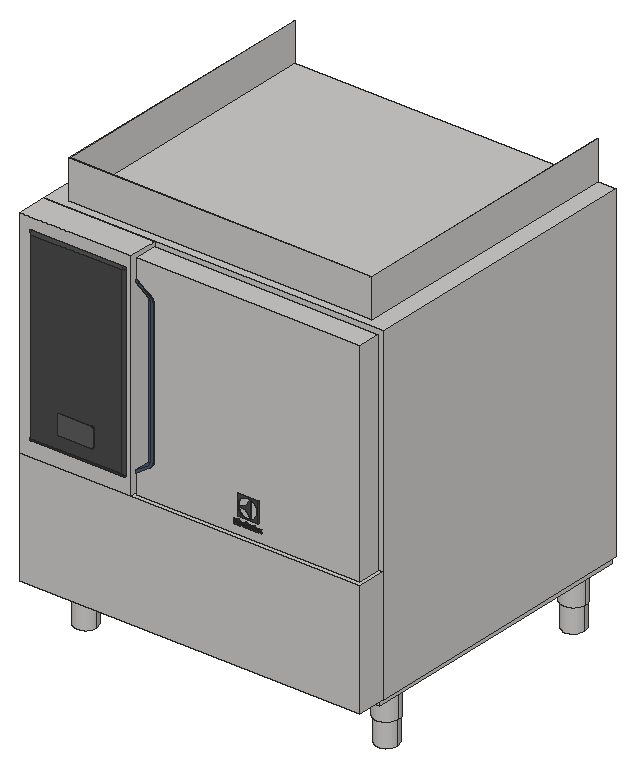
Revit family "QF_ELECTROLUXPROFESSIONAL_727729_EBFA61WE", category Specialty Equipment, Revit 2018
Family settings
  Round Connector Dimension = Use Diameter
  Part Type = Normal
  Work Plane-Based = No
  Always vertical = Yes
  Cut with Voids When Loaded = No
  Shared = No
  Room Calculation Point = No
Parameters
  Weight = 0.00 kg
  Watts = 0 W
  Volts = 380 V
  URL Manufacturer = "http://professional.electrolux.com"
  URL = "http://professional.electrolux.com"
  Steam Supply Size = 0 mm
  Steam Supply Minimum Pressure = 0.0 Pa
  Steam Supply Maximum Pressure = 0.0 Pa
  Steam Pounds per Hour = 0
  Show Logo [instance] = yes
  Show Clearance [instance] = yes
  Refrigeration Suction Line Size = 0 mm
  Refrigeration Liquid Line Size = 0 mm
  Refrigerant Compressor Remote = yes
  Manufacturer = "Electrolux"
  Phase = 3
  Model = "EBFA61WE"
  Length Actual = 897 mm  # constant formula
  Item Number = "727729"
  Hot Water Size = 0 mm
  Height Actual = 1020 mm  # constant formula
  HP = "3.6 HP"
  Gas Size = 0 mm
  Gas KW = 0
  Gas Input Pressure = 0 W
  Direct Waste Size = 139.7 mm
  Description = "SKYLINE CHILLS BLAST CHILLER FREEZER 30/30KG 6 GN 1/1 - FOR TOWER EXECUTION"
  Depth Actual = 937 mm  # constant formula
  Cycle = 50 Hz
  Condensate Return Size = 0 mm
  Compressed Air Volume = 0.0 L/s
  Compressed Air Size = 0 mm
  Compressed Air Pressure = 0.0 Pa
  Cold Water Size = 0 mm
  Accessory = yes
Reference planes
  plane 1 "Center X": y = 126.851
  plane 2: z = 0
  plane 3 "Center Y": x = -311.5
  plane 4 "LEFT": x = -760
  plane 5 "BACK": y = 548.851
  plane 6 "RIGHT": x = 137
  plane 7 "FRONT": y = -295.149
  plane 8: z = 130
  plane 9: x = -708
  plane 10: y = 473.851
  plane 11: x = 85
  plane 12: y = -142.149
  plane 13 "TOP": z = 1020.038
  plane 14: y = 641.851
  plane 15: y = -847.149
Forms (mm)
  Extrusion 1, solid, material "QF_Finishes_Stainless Steel"
    sketch origin (0, 0, 1060.038) x (-1, 0, 0) y (0, -1, 0)
      loop
        line (759, -548.851) -> (759, 216.149) -> (-136, 216.149) -> (-136, -548.851) -> (759, -548.851)
    from -40 to -910.018
  Extrusion 2, solid, material "QF_Finishes_Stainless Steel"
    sketch origin (0, -295.149, 0) x (-1, 0, 0) y (0, 0, 1)
      loop
        line (451.2, 1020.033) -> (-135.995, 1020.033) -> (-135.995, 462.497) -> (451.2, 462.497) -> (451.2, 513.683) -> (415.41, 537.406)
        arc (415.41, 537.406) -> (408.839, 544.616) -> (406.46, 554.076) r 20
        line (406.46, 554.076) -> (406.46, 928.989)
        arc (406.46, 928.989) -> (408.716, 937.969) -> (414.947, 944.816) r 19
        line (414.947, 944.816) -> (451.2, 968.898) -> (451.2, 1020.033)
    from 0 to 60
  Extrusion 3, void
    sketch origin (-759, -216.149, 1060.038) x (-1, 0, 0) y (0, 0, 1)
      loop
        line (-370.8, -100) -> (-826.8, -100) -> (-826.8, -491.98) -> (-370.8, -491.98) -> (-370.8, -100)
    from 0 to 703
  Extrusion 4, solid, material "QF_Finishes_Stainless Steel"
    sketch origin (-760, -0.954, 0) x (0, 1, 0) y (0, 0, 1)
      loop
        line (549.805, 694.306) -> (549.805, 392.314) -> (635.5, 399.789)
        arc (635.5, 399.789) -> (640.702, 402.354) -> (642.805, 407.759) r 8
        line (642.805, 407.759) -> (642.805, 433.233)
        arc (642.805, 433.233) -> (638.783, 442.547) -> (642.805, 451.86) r 12.795
        line (642.805, 451.86) -> (642.805, 483.24)
        arc (642.805, 483.24) -> (638.783, 492.554) -> (642.805, 501.867) r 12.795
        line (642.805, 501.867) -> (642.805, 533.247)
        arc (642.805, 533.247) -> (638.783, 542.56) -> (642.805, 551.874) r 12.795
        line (642.805, 551.874) -> (642.805, 583.254)
        arc (642.805, 583.254) -> (638.783, 592.567) -> (642.805, 601.881) r 12.795
        line (642.805, 601.881) -> (642.805, 634.796)
        arc (642.805, 634.796) -> (641.466, 639.795) -> (637.808, 643.455) r 10
        line (637.808, 643.455) -> (549.805, 694.306)
    from 123.244 to 306.92
  Extrusion 5, solid, material "QF_Finishes_Stainless Steel"
    sketch origin (-817.599, 548.851, 1060.038) x (1, 0, 0) y (0, 0, -1)
      loop
        circle (121.599, 802.038) r 10.5
    from 0 to 29
  Extrusion 6, solid, material "QF_Finishes_Stainless Steel"
    sketch origin (0, -235.149, 0) x (-1, 0, 0) y (0, 0, 1)
      loop
        arc (406.46, 554.076) -> (408.839, 544.616) -> (415.41, 537.406) r 20
        line (415.41, 537.406) -> (451.2, 513.683) -> (451.2, 968.898) -> (414.947, 944.816)
        arc (414.947, 944.816) -> (408.716, 937.969) -> (406.46, 928.989) r 19
        line (406.46, 928.989) -> (406.46, 554.076)
    from -21 to 0
  Extrusion 7, solid, material "QF_Finishes_Electrolux_Blue"
    sketch origin (0, -295.149, 0) x (1, 0, 0) y (0, 0, 1)
      loop
        line (-451.2, 968.898) -> (-453.7, 968.898) -> (-453.7, 962.755) -> (-418.543, 939.401)
        arc (-418.543, 939.401) -> (-414.444, 934.897) -> (-412.96, 928.989) r 12.5
        line (-412.96, 928.989) -> (-412.96, 554.076)
        arc (-412.96, 554.076) -> (-414.566, 547.691) -> (-419.001, 542.824) r 13.5
        line (-419.001, 542.824) -> (-453.7, 519.824) -> (-453.7, 513.683) -> (-451.2, 513.683) -> (-415.41, 537.406)
        arc (-415.41, 537.406) -> (-408.839, 544.616) -> (-406.46, 554.076) r 20
        line (-406.46, 554.076) -> (-406.46, 928.989)
        arc (-406.46, 928.989) -> (-408.716, 937.969) -> (-414.947, 944.816) r 19
        line (-414.947, 944.816) -> (-451.2, 968.898)
    from -39 to 1
  Extrusion 8, solid, material "QF_Finishes_Stainless Steel"
    sketch origin (0, 0, 1060.038) x (-1, 0, 0) y (0, -1, 0)
      loop
        line (759, 295.149) -> (467.2, 295.149) -> (467.2, 217.149) -> (759, 217.149) -> (759, 295.149)
    from -40 to -607
  Extrusion 9, solid, material "QF_Finishes_Stainless Steel"
    sketch origin (-1206.916, -1524, 130) x (-1, 0, 0) y (0, -1, 0)
      loop
        line (-447.916, -1228.851) -> (-1342.916, -1228.851) -> (-1342.916, -1306.851) -> (-447.916, -1306.851) -> (-447.916, -1228.851)
    from 322 to 20.02
  Extrusion 10, solid, material "QF_Finishes_Stainless Steel"
    sketch origin (0, 0, 1060.038) x (-1, 0, 0) y (0, -1, 0)
      loop
        line (748.993, -548.851) -> (748.993, 214.216) -> (-125.993, 214.216) -> (-125.993, -548.851) -> (748.993, -548.851)
    from -910.018 to -930.038
  Extrusion 11, solid, material "QF_Finishes_Stainless Steel"
    sketch origin (0, 0, 130) x (0, -1, 0) y (-1, 0, 0)
      loop
        circle (-215.851, 360) r 9.5
    from 0 to 31.68
  Extrusion 12, void
    sketch origin (0, 0, 1060.038) x (-1, 0, 0) y (0, -1, 0)
      loop
        line (627.033, -641.851) -> (636.756, -641.851) -> (636.756, -548.851) -> (635.125, -548.851) -> (627.033, -641.851)
      loop
        line (454.711, -548.851) -> (453.08, -548.851) -> (453.08, -641.851) -> (462.803, -641.851) -> (454.711, -548.851)
    from -673 to -363
  Extrusion 13, solid, material "QF_Door-Drawer Clearances", visible <- "Show Clearance", detail levels coarse
    sketch origin (143, -393.449, 0) x (0, -1, 0) y (0, 0, 1)
      loop
        line (451.2, 1020.033) -> (-98.3, 1020.033) -> (-98.3, 462.497) -> (451.2, 462.497) -> (451.2, 513.683) -> (415.41, 537.406)
        arc (415.41, 537.406) -> (408.839, 544.616) -> (406.46, 554.076) r 20
        line (406.46, 554.076) -> (406.46, 928.989)
        arc (406.46, 928.989) -> (408.716, 937.969) -> (414.947, 944.816) r 19
        line (414.947, 944.816) -> (451.2, 968.898) -> (451.2, 1020.033)
    from 0 to 60
  Extrusion 14, solid, material "QF_Door-Drawer Clearances", visible <- "Show Clearance", detail levels coarse
    sketch origin (83, -393.449, 0) x (0, -1, 0) y (0, 0, 1)
      loop
        arc (406.46, 554.076) -> (408.839, 544.616) -> (415.41, 537.406) r 20
        line (415.41, 537.406) -> (451.2, 513.683) -> (451.2, 968.898) -> (414.947, 944.816)
        arc (414.947, 944.816) -> (408.716, 937.969) -> (406.46, 928.989) r 19
        line (406.46, 928.989) -> (406.46, 554.076)
    from -21 to 0
  Extrusion 15, solid, material "QF_Door-Drawer Clearances", visible <- "Show Clearance", detail levels coarse
    sketch origin (143, -393.449, 0) x (0, 1, 0) y (0, 0, 1)
      loop
        line (-451.2, 968.898) -> (-453.7, 968.898) -> (-453.7, 962.755) -> (-418.543, 939.401)
        arc (-418.543, 939.401) -> (-414.444, 934.897) -> (-412.96, 928.989) r 12.5
        line (-412.96, 928.989) -> (-412.96, 554.076)
        arc (-412.96, 554.076) -> (-414.566, 547.691) -> (-419.001, 542.824) r 13.5
        line (-419.001, 542.824) -> (-453.7, 519.824) -> (-453.7, 513.683) -> (-451.2, 513.683) -> (-415.41, 537.406)
        arc (-415.41, 537.406) -> (-408.839, 544.616) -> (-406.46, 554.076) r 20
        line (-406.46, 554.076) -> (-406.46, 928.989)
        arc (-406.46, 928.989) -> (-408.716, 937.969) -> (-414.947, 944.816) r 19
        line (-414.947, 944.816) -> (-451.2, 968.898)
    from -39 to 1
  Extrusion 16, solid, material "QF_Door-Drawer Clearances", visible <- "Show Clearance", detail levels coarse
    sketch origin (0, 0, 1060.038) x (-1, 0, 0) y (0, -1, 0)
      loop
        line (-83, 295.149) -> (451.2, 295.149)
        arc (451.2, 295.149) -> (290.883, 673.709) -> (-83, 844.649) r 567.425
        line (-83, 844.649) -> (-83, 295.149)
    from -597.541 to -40
  Extrusion 17, solid, material "QF_Finishes_Stainless Steel"
    sketch origin (-19, -1, 0) x (1, 0, 0) y (0, 1, 0)
      loop
        line (-690, -190.149) -> (-690, 549.851) -> (-692, 549.851) -> (-692, -192.149) -> (107, -192.149) -> (107, 549.851) -> (105, 549.851) -> (105, -190.149) -> (-690, -190.149)
    from 1020.038 to 1120.038
Cuts and joins
  Extrusion 3 cuts Extrusion 1
  Extrusion 12 cuts Extrusion 4
  joined: Extrusion 1, Extrusion 4, Extrusion 5, Extrusion 10, Extrusion 11
  joined: Extrusion 2, Extrusion 6
  joined: Extrusion 13, Extrusion 14, Extrusion 15, Extrusion 16
Lines and regions (mm)
  Split face 1
    outline origin (-489, -295.149, 130) x (-1, 0, 0) y (0, 0, -1)
      loop
        line (-132.388, -290.639) -> (-22.373, -290.639) -> (-22.373, -285.612) -> (-132.388, -285.612) -> (-132.388, -290.639)
  Split face 2
    outline origin (-489, -295.149, 120.528) x (-1, 0, 0) y (0, 0, -1)
      loop
        line (-132.388, -290.639) -> (-22.373, -290.639) -> (-22.373, -285.612) -> (-132.388, -285.612) -> (-132.388, -290.639)
  Split face 3
    outline origin (-489, -295.149, 111.056) x (-1, 0, 0) y (0, 0, -1)
      loop
        line (-132.388, -290.639) -> (-22.373, -290.639) -> (-22.373, -285.612) -> (-132.388, -285.612) -> (-132.388, -290.639)
  Split face 4
    outline origin (-489, -295.149, 101.583) x (-1, 0, 0) y (0, 0, -1)
      loop
        line (-132.388, -290.639) -> (-22.373, -290.639) -> (-22.373, -285.612) -> (-132.388, -285.612) -> (-132.388, -290.639)
  Split face 5
    outline origin (-489, -295.149, 92.111) x (-1, 0, 0) y (0, 0, -1)
      loop
        line (-132.388, -290.639) -> (-22.373, -290.639) -> (-22.373, -285.612) -> (-132.388, -285.612) -> (-132.388, -290.639)
  Split face 6
    outline origin (-489, -295.149, 82.639) x (-1, 0, 0) y (0, 0, -1)
      loop
        line (-132.388, -290.639) -> (-22.373, -290.639) -> (-22.373, -285.612) -> (-132.388, -285.612) -> (-132.388, -290.639)
  Split face 7
    outline origin (-489, -295.149, 73.167) x (-1, 0, 0) y (0, 0, -1)
      loop
        line (-132.388, -290.639) -> (-22.373, -290.639) -> (-22.373, -285.612) -> (-132.388, -285.612) -> (-132.388, -290.639)
  Split face 8
    outline origin (-489, -295.149, 63.695) x (-1, 0, 0) y (0, 0, -1)
      loop
        line (-132.388, -290.639) -> (-22.373, -290.639) -> (-22.373, -285.612) -> (-132.388, -285.612) -> (-132.388, -290.639)
  Split face 9
    outline origin (-489, -295.149, 54.223) x (-1, 0, 0) y (0, 0, -1)
      loop
        line (-132.388, -290.639) -> (-22.373, -290.639) -> (-22.373, -285.612) -> (-132.388, -285.612) -> (-132.388, -290.639)
  Split face 10
    outline origin (-489, -295.149, 44.75) x (-1, 0, 0) y (0, 0, -1)
      loop
        line (-132.388, -290.639) -> (-22.373, -290.639) -> (-22.373, -285.612) -> (-132.388, -285.612) -> (-132.388, -290.639)
  Split face 11
    outline origin (-489, -295.149, 35.278) x (-1, 0, 0) y (0, 0, -1)
      loop
        line (-132.388, -290.639) -> (-22.373, -290.639) -> (-22.373, -285.612) -> (-132.388, -285.612) -> (-132.388, -290.639)
  Split face 12
    outline origin (-489, -295.149, 25.806) x (-1, 0, 0) y (0, 0, -1)
      loop
        line (-132.388, -290.639) -> (-22.373, -290.639) -> (-22.373, -285.612) -> (-132.388, -285.612) -> (-132.388, -290.639)
  Split face 13
    outline origin (-489, -295.149, 16.334) x (-1, 0, 0) y (0, 0, -1)
      loop
        line (-132.388, -290.639) -> (-22.373, -290.639) -> (-22.373, -285.612) -> (-132.388, -285.612) -> (-132.388, -290.639)
  Split face 14
    outline origin (-489, -295.149, 6.862) x (-1, 0, 0) y (0, 0, -1)
      loop
        line (-132.388, -290.639) -> (-22.373, -290.639) -> (-22.373, -285.612) -> (-132.388, -285.612) -> (-132.388, -290.639)
  Split face 15
    outline origin (-489, -295.149, -2.611) x (-1, 0, 0) y (0, 0, -1)
      loop
        line (-132.388, -290.639) -> (-22.373, -290.639) -> (-22.373, -285.612) -> (-132.388, -285.612) -> (-132.388, -290.639)
  Split face 16
    outline origin (-489, -295.149, -12.083) x (-1, 0, 0) y (0, 0, -1)
      loop
        line (-132.388, -290.639) -> (-22.373, -290.639) -> (-22.373, -285.612) -> (-132.388, -285.612) -> (-132.388, -290.639)
  Split face 17
    outline origin (-489, -295.149, -21.555) x (-1, 0, 0) y (0, 0, -1)
      loop
        line (-132.388, -290.639) -> (-22.373, -290.639) -> (-22.373, -285.612) -> (-132.388, -285.612) -> (-132.388, -290.639)
  Split face 18
    outline origin (-489, -295.149, -31.027) x (-1, 0, 0) y (0, 0, -1)
      loop
        line (-132.388, -290.639) -> (-22.373, -290.639) -> (-22.373, -285.612) -> (-132.388, -285.612) -> (-132.388, -290.639)
  Split face 19
    outline origin (-489, -295.149, -40.499) x (-1, 0, 0) y (0, 0, -1)
      loop
        line (-132.388, -290.639) -> (-22.373, -290.639) -> (-22.373, -285.612) -> (-132.388, -285.612) -> (-132.388, -290.639)
  Split face 20
    outline origin (-489, -295.149, -49.972) x (-1, 0, 0) y (0, 0, -1)
      loop
        line (-132.388, -290.639) -> (-22.373, -290.639) -> (-22.373, -285.612) -> (-132.388, -285.612) -> (-132.388, -290.639)
  Split face 21
    outline origin (-489, -295.149, -59.444) x (-1, 0, 0) y (0, 0, -1)
      loop
        line (-132.388, -290.639) -> (-22.373, -290.639) -> (-22.373, -285.612) -> (-132.388, -285.612) -> (-132.388, -290.639)
  Split face 22
    outline origin (-489, -295.149, -68.916) x (-1, 0, 0) y (0, 0, -1)
      loop
        line (-132.388, -290.639) -> (-22.373, -290.639) -> (-22.373, -285.612) -> (-132.388, -285.612) -> (-132.388, -290.639)
  Split face 23
    outline origin (-489, -295.149, -78.388) x (-1, 0, 0) y (0, 0, -1)
      loop
        line (-132.388, -290.639) -> (-22.373, -290.639) -> (-22.373, -285.612) -> (-132.388, -285.612) -> (-132.388, -290.639)
  Split face 24
    outline origin (-489, -295.149, -87.86) x (-1, 0, 0) y (0, 0, -1)
      loop
        line (-132.388, -290.639) -> (-22.373, -290.639) -> (-22.373, -285.612) -> (-132.388, -285.612) -> (-132.388, -290.639)
  Split face 25
    outline origin (-489, -295.149, -97.332) x (-1, 0, 0) y (0, 0, -1)
      loop
        line (-132.388, -290.639) -> (-22.373, -290.639) -> (-22.373, -285.612) -> (-132.388, -285.612) -> (-132.388, -290.639)
  Split face 26
    outline origin (-489, -295.149, -106.805) x (-1, 0, 0) y (0, 0, -1)
      loop
        line (-132.388, -290.639) -> (-22.373, -290.639) -> (-22.373, -285.612) -> (-132.388, -285.612) -> (-132.388, -290.639)
  Split face 27
    outline origin (-373.984, -295.149, 130) x (-1, 0, 0) y (0, 0, -1)
      loop
        line (-132.388, -290.639) -> (-22.373, -290.639) -> (-22.373, -285.612) -> (-132.388, -285.612) -> (-132.388, -290.639)
  Split face 28
    outline origin (-373.984, -295.149, 120.528) x (-1, 0, 0) y (0, 0, -1)
      loop
        line (-132.388, -290.639) -> (-22.373, -290.639) -> (-22.373, -285.612) -> (-132.388, -285.612) -> (-132.388, -290.639)
  Split face 29
    outline origin (-373.984, -295.149, 111.056) x (-1, 0, 0) y (0, 0, -1)
      loop
        line (-132.388, -290.639) -> (-22.373, -290.639) -> (-22.373, -285.612) -> (-132.388, -285.612) -> (-132.388, -290.639)
  Split face 30
    outline origin (-373.984, -295.149, 101.583) x (-1, 0, 0) y (0, 0, -1)
      loop
        line (-132.388, -290.639) -> (-22.373, -290.639) -> (-22.373, -285.612) -> (-132.388, -285.612) -> (-132.388, -290.639)
  Split face 31
    outline origin (-373.984, -295.149, 92.111) x (-1, 0, 0) y (0, 0, -1)
      loop
        line (-132.388, -290.639) -> (-22.373, -290.639) -> (-22.373, -285.612) -> (-132.388, -285.612) -> (-132.388, -290.639)
  Split face 32
    outline origin (-373.984, -295.149, 82.639) x (-1, 0, 0) y (0, 0, -1)
      loop
        line (-132.388, -290.639) -> (-22.373, -290.639) -> (-22.373, -285.612) -> (-132.388, -285.612) -> (-132.388, -290.639)
  Split face 33
    outline origin (-373.984, -295.149, 73.167) x (-1, 0, 0) y (0, 0, -1)
      loop
        line (-132.388, -290.639) -> (-22.373, -290.639) -> (-22.373, -285.612) -> (-132.388, -285.612) -> (-132.388, -290.639)
  Split face 34
    outline origin (-373.984, -295.149, 63.695) x (-1, 0, 0) y (0, 0, -1)
      loop
        line (-132.388, -290.639) -> (-22.373, -290.639) -> (-22.373, -285.612) -> (-132.388, -285.612) -> (-132.388, -290.639)
  Split face 35
    outline origin (-373.984, -295.149, 54.223) x (-1, 0, 0) y (0, 0, -1)
      loop
        line (-132.388, -290.639) -> (-22.373, -290.639) -> (-22.373, -285.612) -> (-132.388, -285.612) -> (-132.388, -290.639)
  Split face 36
    outline origin (-373.984, -295.149, 44.75) x (-1, 0, 0) y (0, 0, -1)
      loop
        line (-132.388, -290.639) -> (-22.373, -290.639) -> (-22.373, -285.612) -> (-132.388, -285.612) -> (-132.388, -290.639)
  Split face 37
    outline origin (-373.984, -295.149, 35.278) x (-1, 0, 0) y (0, 0, -1)
      loop
        line (-132.388, -290.639) -> (-22.373, -290.639) -> (-22.373, -285.612) -> (-132.388, -285.612) -> (-132.388, -290.639)
  Split face 38
    outline origin (-373.984, -295.149, 25.806) x (-1, 0, 0) y (0, 0, -1)
      loop
        line (-132.388, -290.639) -> (-22.373, -290.639) -> (-22.373, -285.612) -> (-132.388, -285.612) -> (-132.388, -290.639)
  Split face 39
    outline origin (-373.984, -295.149, 16.334) x (-1, 0, 0) y (0, 0, -1)
      loop
        line (-132.388, -290.639) -> (-22.373, -290.639) -> (-22.373, -285.612) -> (-132.388, -285.612) -> (-132.388, -290.639)
  Split face 40
    outline origin (-373.984, -295.149, 6.862) x (-1, 0, 0) y (0, 0, -1)
      loop
        line (-132.388, -290.639) -> (-22.373, -290.639) -> (-22.373, -285.612) -> (-132.388, -285.612) -> (-132.388, -290.639)
  Split face 41
    outline origin (-373.984, -295.149, -2.611) x (-1, 0, 0) y (0, 0, -1)
      loop
        line (-132.388, -290.639) -> (-22.373, -290.639) -> (-22.373, -285.612) -> (-132.388, -285.612) -> (-132.388, -290.639)
  Split face 42
    outline origin (-373.984, -295.149, -12.083) x (-1, 0, 0) y (0, 0, -1)
      loop
        line (-132.388, -290.639) -> (-22.373, -290.639) -> (-22.373, -285.612) -> (-132.388, -285.612) -> (-132.388, -290.639)
  Split face 43
    outline origin (-373.984, -295.149, -21.555) x (-1, 0, 0) y (0, 0, -1)
      loop
        line (-132.388, -290.639) -> (-22.373, -290.639) -> (-22.373, -285.612) -> (-132.388, -285.612) -> (-132.388, -290.639)
  Split face 44
    outline origin (-373.984, -295.149, -31.027) x (-1, 0, 0) y (0, 0, -1)
      loop
        line (-132.388, -290.639) -> (-22.373, -290.639) -> (-22.373, -285.612) -> (-132.388, -285.612) -> (-132.388, -290.639)
  Split face 45
    outline origin (-373.984, -295.149, -40.499) x (-1, 0, 0) y (0, 0, -1)
      loop
        line (-132.388, -290.639) -> (-22.373, -290.639) -> (-22.373, -285.612) -> (-132.388, -285.612) -> (-132.388, -290.639)
  Split face 46
    outline origin (-373.984, -295.149, -49.972) x (-1, 0, 0) y (0, 0, -1)
      loop
        line (-132.388, -290.639) -> (-22.373, -290.639) -> (-22.373, -285.612) -> (-132.388, -285.612) -> (-132.388, -290.639)
  Split face 47
    outline origin (-373.984, -295.149, -59.444) x (-1, 0, 0) y (0, 0, -1)
      loop
        line (-132.388, -290.639) -> (-22.373, -290.639) -> (-22.373, -285.612) -> (-132.388, -285.612) -> (-132.388, -290.639)
  Split face 48
    outline origin (-373.984, -295.149, -68.916) x (-1, 0, 0) y (0, 0, -1)
      loop
        line (-132.388, -290.639) -> (-22.373, -290.639) -> (-22.373, -285.612) -> (-132.388, -285.612) -> (-132.388, -290.639)
  Split face 49
    outline origin (-373.984, -295.149, -78.388) x (-1, 0, 0) y (0, 0, -1)
      loop
        line (-132.388, -290.639) -> (-22.373, -290.639) -> (-22.373, -285.612) -> (-132.388, -285.612) -> (-132.388, -290.639)
  Split face 50
    outline origin (-373.984, -295.149, -87.86) x (-1, 0, 0) y (0, 0, -1)
      loop
        line (-132.388, -290.639) -> (-22.373, -290.639) -> (-22.373, -285.612) -> (-132.388, -285.612) -> (-132.388, -290.639)
  Split face 51
    outline origin (-373.984, -295.149, -97.332) x (-1, 0, 0) y (0, 0, -1)
      loop
        line (-132.388, -290.639) -> (-22.373, -290.639) -> (-22.373, -285.612) -> (-132.388, -285.612) -> (-132.388, -290.639)
  Split face 52
    outline origin (-373.984, -295.149, -106.805) x (-1, 0, 0) y (0, 0, -1)
      loop
        line (-132.388, -290.639) -> (-22.373, -290.639) -> (-22.373, -285.612) -> (-132.388, -285.612) -> (-132.388, -290.639)
  Split face 53
    outline origin (-258.969, -295.149, 130) x (-1, 0, 0) y (0, 0, -1)
      loop
        line (-132.388, -290.639) -> (-22.373, -290.639) -> (-22.373, -285.612) -> (-132.388, -285.612) -> (-132.388, -290.639)
  Split face 54
    outline origin (-258.969, -295.149, 120.528) x (-1, 0, 0) y (0, 0, -1)
      loop
        line (-132.388, -290.639) -> (-22.373, -290.639) -> (-22.373, -285.612) -> (-132.388, -285.612) -> (-132.388, -290.639)
  Split face 55
    outline origin (-258.969, -295.149, 111.056) x (-1, 0, 0) y (0, 0, -1)
      loop
        line (-132.388, -290.639) -> (-22.373, -290.639) -> (-22.373, -285.612) -> (-132.388, -285.612) -> (-132.388, -290.639)
  Split face 56
    outline origin (-258.969, -295.149, 101.583) x (-1, 0, 0) y (0, 0, -1)
      loop
        line (-132.388, -290.639) -> (-22.373, -290.639) -> (-22.373, -285.612) -> (-132.388, -285.612) -> (-132.388, -290.639)
  Split face 57
    outline origin (-258.969, -295.149, 92.111) x (-1, 0, 0) y (0, 0, -1)
      loop
        line (-132.388, -290.639) -> (-22.373, -290.639) -> (-22.373, -285.612) -> (-132.388, -285.612) -> (-132.388, -290.639)
  Split face 58
    outline origin (-258.969, -295.149, 82.639) x (-1, 0, 0) y (0, 0, -1)
      loop
        line (-132.388, -290.639) -> (-22.373, -290.639) -> (-22.373, -285.612) -> (-132.388, -285.612) -> (-132.388, -290.639)
  Split face 59
    outline origin (-258.969, -295.149, 73.167) x (-1, 0, 0) y (0, 0, -1)
      loop
        line (-132.388, -290.639) -> (-22.373, -290.639) -> (-22.373, -285.612) -> (-132.388, -285.612) -> (-132.388, -290.639)
  Split face 60
    outline origin (-258.969, -295.149, 63.695) x (-1, 0, 0) y (0, 0, -1)
      loop
        line (-132.388, -290.639) -> (-22.373, -290.639) -> (-22.373, -285.612) -> (-132.388, -285.612) -> (-132.388, -290.639)
  Split face 61
    outline origin (-258.969, -295.149, 54.223) x (-1, 0, 0) y (0, 0, -1)
      loop
        line (-132.388, -290.639) -> (-22.373, -290.639) -> (-22.373, -285.612) -> (-132.388, -285.612) -> (-132.388, -290.639)
  Split face 62
    outline origin (-258.969, -295.149, 44.75) x (-1, 0, 0) y (0, 0, -1)
      loop
        line (-132.388, -290.639) -> (-22.373, -290.639) -> (-22.373, -285.612) -> (-132.388, -285.612) -> (-132.388, -290.639)
  Split face 63
    outline origin (-258.969, -295.149, 35.278) x (-1, 0, 0) y (0, 0, -1)
      loop
        line (-132.388, -290.639) -> (-22.373, -290.639) -> (-22.373, -285.612) -> (-132.388, -285.612) -> (-132.388, -290.639)
  Split face 64
    outline origin (-258.969, -295.149, 25.806) x (-1, 0, 0) y (0, 0, -1)
      loop
        line (-132.388, -290.639) -> (-22.373, -290.639) -> (-22.373, -285.612) -> (-132.388, -285.612) -> (-132.388, -290.639)
  Split face 65
    outline origin (-258.969, -295.149, 16.334) x (-1, 0, 0) y (0, 0, -1)
      loop
        line (-132.388, -290.639) -> (-22.373, -290.639) -> (-22.373, -285.612) -> (-132.388, -285.612) -> (-132.388, -290.639)
  Split face 66
    outline origin (-258.969, -295.149, 6.862) x (-1, 0, 0) y (0, 0, -1)
      loop
        line (-132.388, -290.639) -> (-22.373, -290.639) -> (-22.373, -285.612) -> (-132.388, -285.612) -> (-132.388, -290.639)
  Split face 67
    outline origin (-258.969, -295.149, -2.611) x (-1, 0, 0) y (0, 0, -1)
      loop
        line (-132.388, -290.639) -> (-22.373, -290.639) -> (-22.373, -285.612) -> (-132.388, -285.612) -> (-132.388, -290.639)
  Split face 68
    outline origin (-258.969, -295.149, -12.083) x (-1, 0, 0) y (0, 0, -1)
      loop
        line (-132.388, -290.639) -> (-22.373, -290.639) -> (-22.373, -285.612) -> (-132.388, -285.612) -> (-132.388, -290.639)
  Split face 69
    outline origin (-258.969, -295.149, -21.555) x (-1, 0, 0) y (0, 0, -1)
      loop
        line (-132.388, -290.639) -> (-22.373, -290.639) -> (-22.373, -285.612) -> (-132.388, -285.612) -> (-132.388, -290.639)
  Split face 70
    outline origin (-258.969, -295.149, -31.027) x (-1, 0, 0) y (0, 0, -1)
      loop
        line (-132.388, -290.639) -> (-22.373, -290.639) -> (-22.373, -285.612) -> (-132.388, -285.612) -> (-132.388, -290.639)
  Split face 71
    outline origin (-258.969, -295.149, -40.499) x (-1, 0, 0) y (0, 0, -1)
      loop
        line (-132.388, -290.639) -> (-22.373, -290.639) -> (-22.373, -285.612) -> (-132.388, -285.612) -> (-132.388, -290.639)
  Split face 72
    outline origin (-258.969, -295.149, -49.972) x (-1, 0, 0) y (0, 0, -1)
      loop
        line (-132.388, -290.639) -> (-22.373, -290.639) -> (-22.373, -285.612) -> (-132.388, -285.612) -> (-132.388, -290.639)
  Split face 73
    outline origin (-258.969, -295.149, -59.444) x (-1, 0, 0) y (0, 0, -1)
      loop
        line (-132.388, -290.639) -> (-22.373, -290.639) -> (-22.373, -285.612) -> (-132.388, -285.612) -> (-132.388, -290.639)
  Split face 74
    outline origin (-258.969, -295.149, -68.916) x (-1, 0, 0) y (0, 0, -1)
      loop
        line (-132.388, -290.639) -> (-22.373, -290.639) -> (-22.373, -285.612) -> (-132.388, -285.612) -> (-132.388, -290.639)
  Split face 75
    outline origin (-258.969, -295.149, -78.388) x (-1, 0, 0) y (0, 0, -1)
      loop
        line (-132.388, -290.639) -> (-22.373, -290.639) -> (-22.373, -285.612) -> (-132.388, -285.612) -> (-132.388, -290.639)
  Split face 76
    outline origin (-258.969, -295.149, -87.86) x (-1, 0, 0) y (0, 0, -1)
      loop
        line (-132.388, -290.639) -> (-22.373, -290.639) -> (-22.373, -285.612) -> (-132.388, -285.612) -> (-132.388, -290.639)
  Split face 77
    outline origin (-258.969, -295.149, -97.332) x (-1, 0, 0) y (0, 0, -1)
      loop
        line (-132.388, -290.639) -> (-22.373, -290.639) -> (-22.373, -285.612) -> (-132.388, -285.612) -> (-132.388, -290.639)
  Split face 78
    outline origin (-258.969, -295.149, -106.805) x (-1, 0, 0) y (0, 0, -1)
      loop
        line (-132.388, -290.639) -> (-22.373, -290.639) -> (-22.373, -285.612) -> (-132.388, -285.612) -> (-132.388, -290.639)
  Split face 79
    outline origin (-143.953, -295.149, 130) x (-1, 0, 0) y (0, 0, -1)
      loop
        line (-132.388, -290.639) -> (-22.373, -290.639) -> (-22.373, -285.612) -> (-132.388, -285.612) -> (-132.388, -290.639)
  Split face 80
    outline origin (-143.953, -295.149, 120.528) x (-1, 0, 0) y (0, 0, -1)
      loop
        line (-132.388, -290.639) -> (-22.373, -290.639) -> (-22.373, -285.612) -> (-132.388, -285.612) -> (-132.388, -290.639)
  Split face 81
    outline origin (-143.953, -295.149, 111.056) x (-1, 0, 0) y (0, 0, -1)
      loop
        line (-132.388, -290.639) -> (-22.373, -290.639) -> (-22.373, -285.612) -> (-132.388, -285.612) -> (-132.388, -290.639)
  Split face 82
    outline origin (-143.953, -295.149, 101.583) x (-1, 0, 0) y (0, 0, -1)
      loop
        line (-132.388, -290.639) -> (-22.373, -290.639) -> (-22.373, -285.612) -> (-132.388, -285.612) -> (-132.388, -290.639)
  Split face 83
    outline origin (-143.953, -295.149, 92.111) x (-1, 0, 0) y (0, 0, -1)
      loop
        line (-132.388, -290.639) -> (-22.373, -290.639) -> (-22.373, -285.612) -> (-132.388, -285.612) -> (-132.388, -290.639)
  Split face 84
    outline origin (-143.953, -295.149, 82.639) x (-1, 0, 0) y (0, 0, -1)
      loop
        line (-132.388, -290.639) -> (-22.373, -290.639) -> (-22.373, -285.612) -> (-132.388, -285.612) -> (-132.388, -290.639)
  Split face 85
    outline origin (-143.953, -295.149, 73.167) x (-1, 0, 0) y (0, 0, -1)
      loop
        line (-132.388, -290.639) -> (-22.373, -290.639) -> (-22.373, -285.612) -> (-132.388, -285.612) -> (-132.388, -290.639)
  Split face 86
    outline origin (-143.953, -295.149, 63.695) x (-1, 0, 0) y (0, 0, -1)
      loop
        line (-132.388, -290.639) -> (-22.373, -290.639) -> (-22.373, -285.612) -> (-132.388, -285.612) -> (-132.388, -290.639)
  Split face 87
    outline origin (-143.953, -295.149, 54.223) x (-1, 0, 0) y (0, 0, -1)
      loop
        line (-132.388, -290.639) -> (-22.373, -290.639) -> (-22.373, -285.612) -> (-132.388, -285.612) -> (-132.388, -290.639)
  Split face 88
    outline origin (-143.953, -295.149, 44.75) x (-1, 0, 0) y (0, 0, -1)
      loop
        line (-132.388, -290.639) -> (-22.373, -290.639) -> (-22.373, -285.612) -> (-132.388, -285.612) -> (-132.388, -290.639)
  Split face 89
    outline origin (-143.953, -295.149, 35.278) x (-1, 0, 0) y (0, 0, -1)
      loop
        line (-132.388, -290.639) -> (-22.373, -290.639) -> (-22.373, -285.612) -> (-132.388, -285.612) -> (-132.388, -290.639)
  Split face 90
    outline origin (-143.953, -295.149, 25.806) x (-1, 0, 0) y (0, 0, -1)
      loop
        line (-132.388, -290.639) -> (-22.373, -290.639) -> (-22.373, -285.612) -> (-132.388, -285.612) -> (-132.388, -290.639)
  Split face 91
    outline origin (-143.953, -295.149, 16.334) x (-1, 0, 0) y (0, 0, -1)
      loop
        line (-132.388, -290.639) -> (-22.373, -290.639) -> (-22.373, -285.612) -> (-132.388, -285.612) -> (-132.388, -290.639)
  Split face 92
    outline origin (-143.953, -295.149, 6.862) x (-1, 0, 0) y (0, 0, -1)
      loop
        line (-132.388, -290.639) -> (-22.373, -290.639) -> (-22.373, -285.612) -> (-132.388, -285.612) -> (-132.388, -290.639)
  Split face 93
    outline origin (-143.953, -295.149, -2.611) x (-1, 0, 0) y (0, 0, -1)
      loop
        line (-132.388, -290.639) -> (-22.373, -290.639) -> (-22.373, -285.612) -> (-132.388, -285.612) -> (-132.388, -290.639)
  Split face 94
    outline origin (-143.953, -295.149, -12.083) x (-1, 0, 0) y (0, 0, -1)
      loop
        line (-132.388, -290.639) -> (-22.373, -290.639) -> (-22.373, -285.612) -> (-132.388, -285.612) -> (-132.388, -290.639)
  Split face 95
    outline origin (-143.953, -295.149, -21.555) x (-1, 0, 0) y (0, 0, -1)
      loop
        line (-132.388, -290.639) -> (-22.373, -290.639) -> (-22.373, -285.612) -> (-132.388, -285.612) -> (-132.388, -290.639)
  Split face 96
    outline origin (-143.953, -295.149, -31.027) x (-1, 0, 0) y (0, 0, -1)
      loop
        line (-132.388, -290.639) -> (-22.373, -290.639) -> (-22.373, -285.612) -> (-132.388, -285.612) -> (-132.388, -290.639)
  Split face 97
    outline origin (-143.953, -295.149, -40.499) x (-1, 0, 0) y (0, 0, -1)
      loop
        line (-132.388, -290.639) -> (-22.373, -290.639) -> (-22.373, -285.612) -> (-132.388, -285.612) -> (-132.388, -290.639)
  Split face 98
    outline origin (-143.953, -295.149, -49.972) x (-1, 0, 0) y (0, 0, -1)
      loop
        line (-132.388, -290.639) -> (-22.373, -290.639) -> (-22.373, -285.612) -> (-132.388, -285.612) -> (-132.388, -290.639)
  Split face 99
    outline origin (-143.953, -295.149, -59.444) x (-1, 0, 0) y (0, 0, -1)
      loop
        line (-132.388, -290.639) -> (-22.373, -290.639) -> (-22.373, -285.612) -> (-132.388, -285.612) -> (-132.388, -290.639)
  Split face 100
    outline origin (-143.953, -295.149, -68.916) x (-1, 0, 0) y (0, 0, -1)
      loop
        line (-132.388, -290.639) -> (-22.373, -290.639) -> (-22.373, -285.612) -> (-132.388, -285.612) -> (-132.388, -290.639)
  Split face 101
    outline origin (-143.953, -295.149, -78.388) x (-1, 0, 0) y (0, 0, -1)
      loop
        line (-132.388, -290.639) -> (-22.373, -290.639) -> (-22.373, -285.612) -> (-132.388, -285.612) -> (-132.388, -290.639)
  Split face 102
    outline origin (-143.953, -295.149, -87.86) x (-1, 0, 0) y (0, 0, -1)
      loop
        line (-132.388, -290.639) -> (-22.373, -290.639) -> (-22.373, -285.612) -> (-132.388, -285.612) -> (-132.388, -290.639)
  Split face 103
    outline origin (-143.953, -295.149, -97.332) x (-1, 0, 0) y (0, 0, -1)
      loop
        line (-132.388, -290.639) -> (-22.373, -290.639) -> (-22.373, -285.612) -> (-132.388, -285.612) -> (-132.388, -290.639)
  Split face 104
    outline origin (-143.953, -295.149, -106.805) x (-1, 0, 0) y (0, 0, -1)
      loop
        line (-132.388, -290.639) -> (-22.373, -290.639) -> (-22.373, -285.612) -> (-132.388, -285.612) -> (-132.388, -290.639)
  Split face 105
    outline origin (-28.938, -295.149, 130) x (-1, 0, 0) y (0, 0, -1)
      loop
        line (-132.388, -290.639) -> (-22.373, -290.639) -> (-22.373, -285.612) -> (-132.388, -285.612) -> (-132.388, -290.639)
  Split face 106
    outline origin (-28.938, -295.149, 120.528) x (-1, 0, 0) y (0, 0, -1)
      loop
        line (-132.388, -290.639) -> (-22.373, -290.639) -> (-22.373, -285.612) -> (-132.388, -285.612) -> (-132.388, -290.639)
  Split face 107
    outline origin (-28.938, -295.149, 111.056) x (-1, 0, 0) y (0, 0, -1)
      loop
        line (-132.388, -290.639) -> (-22.373, -290.639) -> (-22.373, -285.612) -> (-132.388, -285.612) -> (-132.388, -290.639)
  Split face 108
    outline origin (-28.938, -295.149, 101.583) x (-1, 0, 0) y (0, 0, -1)
      loop
        line (-132.388, -290.639) -> (-22.373, -290.639) -> (-22.373, -285.612) -> (-132.388, -285.612) -> (-132.388, -290.639)
  Split face 109
    outline origin (-28.938, -295.149, 92.111) x (-1, 0, 0) y (0, 0, -1)
      loop
        line (-132.388, -290.639) -> (-22.373, -290.639) -> (-22.373, -285.612) -> (-132.388, -285.612) -> (-132.388, -290.639)
  Split face 110
    outline origin (-28.938, -295.149, 82.639) x (-1, 0, 0) y (0, 0, -1)
      loop
        line (-132.388, -290.639) -> (-22.373, -290.639) -> (-22.373, -285.612) -> (-132.388, -285.612) -> (-132.388, -290.639)
  Split face 111
    outline origin (-28.938, -295.149, 73.167) x (-1, 0, 0) y (0, 0, -1)
      loop
        line (-132.388, -290.639) -> (-22.373, -290.639) -> (-22.373, -285.612) -> (-132.388, -285.612) -> (-132.388, -290.639)
  Split face 112
    outline origin (-28.938, -295.149, 63.695) x (-1, 0, 0) y (0, 0, -1)
      loop
        line (-132.388, -290.639) -> (-22.373, -290.639) -> (-22.373, -285.612) -> (-132.388, -285.612) -> (-132.388, -290.639)
  Split face 113
    outline origin (-28.938, -295.149, 54.223) x (-1, 0, 0) y (0, 0, -1)
      loop
        line (-132.388, -290.639) -> (-22.373, -290.639) -> (-22.373, -285.612) -> (-132.388, -285.612) -> (-132.388, -290.639)
  Split face 114
    outline origin (-28.938, -295.149, 44.75) x (-1, 0, 0) y (0, 0, -1)
      loop
        line (-132.388, -290.639) -> (-22.373, -290.639) -> (-22.373, -285.612) -> (-132.388, -285.612) -> (-132.388, -290.639)
  Split face 115
    outline origin (-28.938, -295.149, 35.278) x (-1, 0, 0) y (0, 0, -1)
      loop
        line (-132.388, -290.639) -> (-22.373, -290.639) -> (-22.373, -285.612) -> (-132.388, -285.612) -> (-132.388, -290.639)
  Split face 116
    outline origin (-28.938, -295.149, 25.806) x (-1, 0, 0) y (0, 0, -1)
      loop
        line (-132.388, -290.639) -> (-22.373, -290.639) -> (-22.373, -285.612) -> (-132.388, -285.612) -> (-132.388, -290.639)
  Split face 117
    outline origin (-28.938, -295.149, 16.334) x (-1, 0, 0) y (0, 0, -1)
      loop
        line (-132.388, -290.639) -> (-22.373, -290.639) -> (-22.373, -285.612) -> (-132.388, -285.612) -> (-132.388, -290.639)
  Split face 118
    outline origin (-28.938, -295.149, 6.862) x (-1, 0, 0) y (0, 0, -1)
      loop
        line (-132.388, -290.639) -> (-22.373, -290.639) -> (-22.373, -285.612) -> (-132.388, -285.612) -> (-132.388, -290.639)
  Split face 119
    outline origin (-28.938, -295.149, -2.611) x (-1, 0, 0) y (0, 0, -1)
      loop
        line (-132.388, -290.639) -> (-22.373, -290.639) -> (-22.373, -285.612) -> (-132.388, -285.612) -> (-132.388, -290.639)
  Split face 120
    outline origin (-28.938, -295.149, -12.083) x (-1, 0, 0) y (0, 0, -1)
      loop
        line (-132.388, -290.639) -> (-22.373, -290.639) -> (-22.373, -285.612) -> (-132.388, -285.612) -> (-132.388, -290.639)
  Split face 121
    outline origin (-28.938, -295.149, -21.555) x (-1, 0, 0) y (0, 0, -1)
      loop
        line (-132.388, -290.639) -> (-22.373, -290.639) -> (-22.373, -285.612) -> (-132.388, -285.612) -> (-132.388, -290.639)
  Split face 122
    outline origin (-28.938, -295.149, -31.027) x (-1, 0, 0) y (0, 0, -1)
      loop
        line (-132.388, -290.639) -> (-22.373, -290.639) -> (-22.373, -285.612) -> (-132.388, -285.612) -> (-132.388, -290.639)
  Split face 123
    outline origin (-28.938, -295.149, -40.499) x (-1, 0, 0) y (0, 0, -1)
      loop
        line (-132.388, -290.639) -> (-22.373, -290.639) -> (-22.373, -285.612) -> (-132.388, -285.612) -> (-132.388, -290.639)
  Split face 124
    outline origin (-28.938, -295.149, -49.972) x (-1, 0, 0) y (0, 0, -1)
      loop
        line (-132.388, -290.639) -> (-22.373, -290.639) -> (-22.373, -285.612) -> (-132.388, -285.612) -> (-132.388, -290.639)
  Split face 125
    outline origin (-28.938, -295.149, -59.444) x (-1, 0, 0) y (0, 0, -1)
      loop
        line (-132.388, -290.639) -> (-22.373, -290.639) -> (-22.373, -285.612) -> (-132.388, -285.612) -> (-132.388, -290.639)
  Split face 126
    outline origin (-28.938, -295.149, -68.916) x (-1, 0, 0) y (0, 0, -1)
      loop
        line (-132.388, -290.639) -> (-22.373, -290.639) -> (-22.373, -285.612) -> (-132.388, -285.612) -> (-132.388, -290.639)
  Split face 127
    outline origin (-28.938, -295.149, -78.388) x (-1, 0, 0) y (0, 0, -1)
      loop
        line (-132.388, -290.639) -> (-22.373, -290.639) -> (-22.373, -285.612) -> (-132.388, -285.612) -> (-132.388, -290.639)
  Split face 128
    outline origin (-28.938, -295.149, -87.86) x (-1, 0, 0) y (0, 0, -1)
      loop
        line (-132.388, -290.639) -> (-22.373, -290.639) -> (-22.373, -285.612) -> (-132.388, -285.612) -> (-132.388, -290.639)
  Split face 129
    outline origin (-28.938, -295.149, -97.332) x (-1, 0, 0) y (0, 0, -1)
      loop
        line (-132.388, -290.639) -> (-22.373, -290.639) -> (-22.373, -285.612) -> (-132.388, -285.612) -> (-132.388, -290.639)
  Split face 130
    outline origin (-28.938, -295.149, -106.805) x (-1, 0, 0) y (0, 0, -1)
      loop
        line (-132.388, -290.639) -> (-22.373, -290.639) -> (-22.373, -285.612) -> (-132.388, -285.612) -> (-132.388, -290.639)
  symbolic lines
    curve 1: line (-760, 548.851, 1060.038) -> (137, 548.851, 1060.038)
    curve 2: line (-760, -295.149, 1060.038) -> (-760, 548.851, 1060.038)
    curve 3: line (137, -295.149, 1060.038) -> (-760, -295.149, 1060.038)
    curve 4: line (137, 548.851, 1060.038) -> (137, -295.149, 1060.038)
    curve 5: line (-725.5, -300.149, 1060.038) -> (-487.5, -300.149, 1060.038)
    curve 6: line (-487.5, -300.149, 1060.038) -> (-479.5, -295.149, 1060.038)
    curve 7: line (-725.5, -300.149, 1060.038) -> (-733.5, -295.149, 1060.038)
    curve 8: line (-635.125, 548.851, 1060.038) -> (-627.033, 641.851, 1060.038)
    curve 9: line (-627.033, 641.851, 1060.038) -> (-462.803, 641.851, 1060.038)
    curve 10: line (-462.803, 641.851, 1060.038) -> (-454.711, 548.851, 1060.038)
    curve 11: line (-706.5, 577.851, 1060.038) -> (-685.5, 577.851, 1060.038)
    curve 12: line (-685.5, 577.851, 1060.038) -> (-685.5, 548.851, 1060.038)
    curve 13: line (-706.5, 577.851, 1060.038) -> (-706.5, 548.851, 1060.038)
  symbolic lines, style "QF_Door-Drawer Clearances", visible <- "Show Clearance"
    curve 14: arc (-451.2, -295.149, 1060.038) -> (-290.883, -673.709, 1060.038) -> (83, -844.649, 1060.038) r 567.425
    curve 15: line (143, -844.649, 1060.038) -> (143, -295.149, 1060.038)
    curve 16: line (83, -844.649, 1060.038) -> (143, -844.649, 1060.038)
    curve 17: line (83, -844.649, 1060.038) -> (83, -295.149, 1060.038)
Dimensions and locks
  equal spacing: plane 4 "LEFT", plane 3 "Center Y", plane 6 "RIGHT"
  plane 4 "LEFT" to plane 6 "RIGHT" = 897 mm
  plane 5 "BACK" to plane 7 "FRONT" = 844 mm
  equal spacing: plane 5 "BACK", plane 1 "Center X", plane 7 "FRONT"
  cut or joined group of Extrusion 1, Extrusion 3, Extrusion 4, Extrusion 5, Extrusion 10, Extrusion 11, Extrusion 12 to Extrusion 5 sketch curve = 63 mm
  level to Extrusion 5 sketch curve = 258 mm
  plane 5 "BACK" to Extrusion 11 sketch curve = 333 mm
  plane 4 "LEFT" to Extrusion 11 sketch curve = 400 mm
  Extrusion 5 sketch curve to plane 4 "LEFT" = 64 mm
  aligned and locked: level to plane 2
  aligned and locked: plane 11 to nested 3
  aligned and locked: plane 11 to nested 2
  aligned and locked: plane 9 to nested 1
  aligned and locked: plane 9 to nested 4
  aligned and locked: Extrusion 6 to Extrusion 7
  aligned and locked: nested 4 to plane 10
  aligned and locked: nested 3 to plane 10
  aligned and locked: nested 1 to plane 12
  aligned and locked: nested 2 to plane 12
  aligned and locked: Extrusion 14 to Extrusion 15
Automatic sketch dimensions
  Extrusion 1 sketch curve to plane 5 "BACK" = 0 mm
  Extrusion 1 sketch curve to plane 6 "RIGHT" = 1 mm
  plane 4 "LEFT" to Extrusion 1 sketch curve = 1 mm
  Extrusion 1 sketch curve to plane 12 = 74 mm
  Extrusion 2 sketch curve to plane 13 "TOP" = 0.005 mm
  Extrusion 2 sketch curve to plane 6 "RIGHT" = 1.005 mm
  Extrusion 2 sketch curve to plane 3 "Center Y" = 94.96 mm
  Extrusion 2 sketch curve to plane 13 "TOP" = 75.222 mm
  Extrusion 2 sketch curve to Extrusion 2 sketch curve = 8.487 mm
  Extrusion 2 sketch curve to Extrusion 2 sketch curve = 8.95 mm
  Extrusion 2 sketch curve to Extrusion 2 sketch curve = 19 mm
  Extrusion 2 sketch curve to Extrusion 2 sketch curve = 20 mm
  Extrusion 2 sketch curve to Extrusion 2 sketch curve = 35.79 mm
  Extrusion 2 sketch curve to plane 13 "TOP" = 51.14 mm
  Extrusion 2 sketch curve to Extrusion 2 sketch curve = 36.253 mm
  Extrusion 2 sketch curve to Extrusion 2 sketch curve = 374.913 mm
  Extrusion 2 sketch curve to Extrusion 2 sketch curve = 23.723 mm
  plane 8 to Extrusion 2 sketch curve = 332.497 mm
  Extrusion 1 to Extrusion 3 sketch curve = 68.2 mm
  Extrusion 3 sketch curve to Extrusion 1 = 370.8 mm
  Extrusion 3 sketch curve to Extrusion 1 = 418.038 mm
  Extrusion 3 sketch curve to Extrusion 1 = 60 mm
  Extrusion 4 sketch curve to plane 5 "BACK" = 0 mm
  Extrusion 4 sketch curve to plane 14 = 0 mm  (x5)
  Extrusion 4 sketch curve to Extrusion 4 sketch curve = 10 mm
  Extrusion 4 sketch curve to Extrusion 4 sketch curve = 8 mm
  Extrusion 4 sketch curve to plane 14 = 7.305 mm
  Extrusion 4 sketch curve to plane 14 = 4.997 mm
  plane 14 to Extrusion 4 sketch curve = 8.773 mm  (x4)
  plane 8 to Extrusion 4 sketch curve = 262.314 mm
  Extrusion 4 sketch curve to Extrusion 4 sketch curve = 7.476 mm
  Extrusion 4 sketch curve to Extrusion 4 sketch curve = 25.474 mm
  Extrusion 4 sketch curve to Extrusion 4 sketch curve = 9.313 mm  (x4)
  Extrusion 4 sketch curve to Extrusion 4 sketch curve = 31.38 mm  (x3)
  Extrusion 4 sketch curve to Extrusion 4 sketch curve = 32.916 mm
  Extrusion 4 sketch curve to Extrusion 4 sketch curve = 50.851 mm
  Extrusion 2 to Extrusion 6 sketch curve = 0 mm  (x6)
  Extrusion 6 sketch curve to Extrusion 2 = 0 mm  (x2)
  Extrusion 2 to Extrusion 6 sketch curve = 8.487 mm
  Extrusion 2 to Extrusion 6 sketch curve = 8.95 mm
  Extrusion 6 sketch curve to Extrusion 6 sketch curve = 11.05 mm
  Extrusion 7 sketch curve to Extrusion 7 sketch curve = 0 mm  (x2)
  Extrusion 2 to Extrusion 7 sketch curve = 0 mm  (x3)
  Extrusion 7 sketch curve to Extrusion 2 = 0 mm  (x2)
  Extrusion 2 to Extrusion 7 sketch curve = 2.5 mm
  Extrusion 7 sketch curve to Extrusion 7 sketch curve = 2.5 mm
  Extrusion 7 sketch curve to Extrusion 7 sketch curve = 13.5 mm
  Extrusion 2 to Extrusion 7 sketch curve = 12.541 mm
  Extrusion 7 sketch curve to Extrusion 7 sketch curve = 5.583 mm
  Extrusion 7 sketch curve to Extrusion 7 sketch curve = 3.591 mm
  Extrusion 7 sketch curve to Extrusion 7 sketch curve = 3.597 mm
  Extrusion 7 sketch curve to Extrusion 7 sketch curve = 6.141 mm
  Extrusion 7 sketch curve to Extrusion 7 sketch curve = 6.143 mm
  Extrusion 8 sketch curve to plane 7 "FRONT" = 0 mm
  Extrusion 8 sketch curve to plane 12 = 75 mm
  Extrusion 8 sketch curve to plane 3 "Center Y" = 155.7 mm
  plane 4 "LEFT" to Extrusion 8 sketch curve = 1 mm
  Extrusion 9 sketch curve to plane 7 "FRONT" = 0 mm
  Extrusion 9 sketch curve to plane 6 "RIGHT" = 1 mm
  plane 4 "LEFT" to Extrusion 9 sketch curve = 1 mm
  Extrusion 9 sketch curve to plane 12 = 75 mm
  Extrusion 10 sketch curve to plane 5 "BACK" = 0 mm
  Extrusion 10 sketch curve to plane 6 "RIGHT" = 11.007 mm
  plane 4 "LEFT" to Extrusion 10 sketch curve = 11.007 mm
  Extrusion 10 sketch curve to plane 12 = 72.066 mm
  Split face 1 sketch curve to Extrusion 9 = 31.361 mm
  Split face 1 sketch curve to Extrusion 9 = 402.388 mm
  Split face 1 sketch curve to Extrusion 9 = 36.388 mm
  Split face 1 sketch curve to Split face 1 sketch curve = 110.015 mm
  Split face 2 sketch curve to Extrusion 9 = 40.833 mm
  Split face 2 sketch curve to Extrusion 9 = 402.388 mm
  Split face 2 sketch curve to Extrusion 9 = 45.86 mm
  Split face 2 sketch curve to Split face 2 sketch curve = 110.015 mm
  Split face 3 sketch curve to Extrusion 9 = 50.305 mm
  Split face 3 sketch curve to Extrusion 9 = 402.388 mm
  Split face 3 sketch curve to Split face 3 sketch curve = 110.015 mm
  Split face 3 sketch curve to Split face 3 sketch curve = 5.027 mm
  Split face 4 sketch curve to Extrusion 9 = 59.777 mm
  Split face 4 sketch curve to Extrusion 9 = 402.388 mm
  Split face 4 sketch curve to Split face 4 sketch curve = 110.015 mm
  Split face 4 sketch curve to Split face 4 sketch curve = 5.027 mm
  Split face 5 sketch curve to Extrusion 9 = 69.25 mm
  Split face 5 sketch curve to Extrusion 9 = 402.388 mm
  Split face 5 sketch curve to Split face 5 sketch curve = 110.015 mm
  Split face 5 sketch curve to Split face 5 sketch curve = 5.027 mm
  Split face 6 sketch curve to Extrusion 9 = 78.722 mm
  Split face 6 sketch curve to Extrusion 9 = 402.388 mm
  Split face 6 sketch curve to Split face 6 sketch curve = 110.015 mm
  Split face 6 sketch curve to Split face 6 sketch curve = 5.027 mm
  Split face 7 sketch curve to Extrusion 9 = 88.194 mm
  Split face 7 sketch curve to Extrusion 9 = 402.388 mm
  Split face 7 sketch curve to Split face 7 sketch curve = 110.015 mm
  Split face 7 sketch curve to Split face 7 sketch curve = 5.027 mm
  Split face 8 sketch curve to Extrusion 9 = 97.666 mm
  Split face 8 sketch curve to Extrusion 9 = 402.388 mm
  Split face 8 sketch curve to Split face 8 sketch curve = 110.015 mm
  Split face 8 sketch curve to Split face 8 sketch curve = 5.027 mm
  Split face 9 sketch curve to Extrusion 9 = 107.138 mm
  Split face 9 sketch curve to Extrusion 9 = 402.388 mm
  Split face 9 sketch curve to Split face 9 sketch curve = 110.015 mm
  Split face 9 sketch curve to Split face 9 sketch curve = 5.027 mm
  Split face 10 sketch curve to Extrusion 9 = 116.611 mm
  Split face 10 sketch curve to Extrusion 9 = 402.388 mm
  Split face 10 sketch curve to Split face 10 sketch curve = 110.015 mm
  Split face 10 sketch curve to Split face 10 sketch curve = 5.027 mm
  Split face 11 sketch curve to Extrusion 9 = 126.083 mm
  Split face 11 sketch curve to Extrusion 9 = 402.388 mm
  Split face 11 sketch curve to Split face 11 sketch curve = 110.015 mm
  Split face 11 sketch curve to Split face 11 sketch curve = 5.027 mm
  Split face 12 sketch curve to Extrusion 9 = 135.555 mm
  Split face 12 sketch curve to Extrusion 9 = 402.388 mm
  Split face 12 sketch curve to Split face 12 sketch curve = 110.015 mm
  Split face 12 sketch curve to Split face 12 sketch curve = 5.027 mm
  Split face 13 sketch curve to Extrusion 9 = 145.027 mm
  Split face 13 sketch curve to Extrusion 9 = 402.388 mm
  Split face 13 sketch curve to Split face 13 sketch curve = 110.015 mm
  Split face 13 sketch curve to Split face 13 sketch curve = 5.027 mm
  Split face 14 sketch curve to Extrusion 9 = 147.48 mm
  Split face 14 sketch curve to Extrusion 9 = 402.388 mm
  Split face 14 sketch curve to Split face 14 sketch curve = 110.015 mm
  Split face 14 sketch curve to Split face 14 sketch curve = 5.027 mm
  Split face 15 sketch curve to Extrusion 9 = 138.008 mm
  Split face 15 sketch curve to Extrusion 9 = 402.388 mm
  Split face 15 sketch curve to Split face 15 sketch curve = 110.015 mm
  Split face 15 sketch curve to Split face 15 sketch curve = 5.027 mm
  Split face 16 sketch curve to Extrusion 9 = 128.536 mm
  Split face 16 sketch curve to Extrusion 9 = 402.388 mm
  Split face 16 sketch curve to Split face 16 sketch curve = 110.015 mm
  Split face 16 sketch curve to Split face 16 sketch curve = 5.027 mm
  Split face 17 sketch curve to Extrusion 9 = 119.064 mm
  Split face 17 sketch curve to Extrusion 9 = 402.388 mm
  Split face 17 sketch curve to Split face 17 sketch curve = 110.015 mm
  Split face 17 sketch curve to Split face 17 sketch curve = 5.027 mm
  Split face 18 sketch curve to Extrusion 9 = 109.592 mm
  Split face 18 sketch curve to Extrusion 9 = 402.388 mm
  Split face 18 sketch curve to Split face 18 sketch curve = 110.015 mm
  Split face 18 sketch curve to Split face 18 sketch curve = 5.027 mm
  Split face 19 sketch curve to Extrusion 9 = 100.119 mm
  Split face 19 sketch curve to Extrusion 9 = 402.388 mm
  Split face 19 sketch curve to Split face 19 sketch curve = 110.015 mm
  Split face 19 sketch curve to Split face 19 sketch curve = 5.027 mm
  Split face 20 sketch curve to Extrusion 9 = 90.647 mm
  Split face 20 sketch curve to Extrusion 9 = 402.388 mm
  Split face 20 sketch curve to Split face 20 sketch curve = 110.015 mm
  Split face 20 sketch curve to Split face 20 sketch curve = 5.027 mm
  Split face 21 sketch curve to Extrusion 9 = 81.175 mm
  Split face 21 sketch curve to Extrusion 9 = 402.388 mm
  Split face 21 sketch curve to Split face 21 sketch curve = 110.015 mm
  Split face 21 sketch curve to Split face 21 sketch curve = 5.027 mm
  Split face 22 sketch curve to Extrusion 9 = 71.703 mm
  Split face 22 sketch curve to Extrusion 9 = 402.388 mm
  Split face 22 sketch curve to Split face 22 sketch curve = 110.015 mm
  Split face 22 sketch curve to Split face 22 sketch curve = 5.027 mm
  Split face 23 sketch curve to Extrusion 9 = 62.231 mm
  Split face 23 sketch curve to Extrusion 9 = 402.388 mm
  Split face 23 sketch curve to Split face 23 sketch curve = 110.015 mm
  Split face 23 sketch curve to Split face 23 sketch curve = 5.027 mm
  Split face 24 sketch curve to Extrusion 9 = 52.758 mm
  Split face 24 sketch curve to Extrusion 9 = 402.388 mm
  Split face 24 sketch curve to Extrusion 9 = 47.731 mm
  Split face 24 sketch curve to Split face 24 sketch curve = 110.015 mm
  Split face 25 sketch curve to Extrusion 9 = 43.286 mm
  Split face 25 sketch curve to Extrusion 9 = 402.388 mm
  Split face 25 sketch curve to Extrusion 9 = 38.259 mm
  Split face 25 sketch curve to Split face 25 sketch curve = 110.015 mm
  Split face 26 sketch curve to Extrusion 9 = 33.814 mm
  Split face 26 sketch curve to Extrusion 9 = 402.388 mm
  Split face 26 sketch curve to Extrusion 9 = 28.787 mm
  Split face 26 sketch curve to Split face 26 sketch curve = 110.015 mm
  Split face 27 sketch curve to Extrusion 9 = 31.361 mm
  Split face 27 sketch curve to Extrusion 9 = 377.596 mm
  Split face 27 sketch curve to Extrusion 9 = 36.388 mm
  Split face 27 sketch curve to Split face 27 sketch curve = 110.015 mm
  Split face 28 sketch curve to Extrusion 9 = 40.833 mm
  Split face 28 sketch curve to Extrusion 9 = 377.596 mm
  Split face 28 sketch curve to Extrusion 9 = 45.86 mm
  Split face 28 sketch curve to Split face 28 sketch curve = 110.015 mm
  Split face 29 sketch curve to Extrusion 9 = 50.305 mm
  Split face 29 sketch curve to Extrusion 9 = 377.596 mm
  Split face 29 sketch curve to Split face 29 sketch curve = 110.015 mm
  Split face 29 sketch curve to Split face 29 sketch curve = 5.027 mm
  Split face 30 sketch curve to Extrusion 9 = 59.777 mm
  Split face 30 sketch curve to Extrusion 9 = 377.596 mm
  Split face 30 sketch curve to Split face 30 sketch curve = 110.015 mm
  Split face 30 sketch curve to Split face 30 sketch curve = 5.027 mm
  Split face 31 sketch curve to Extrusion 9 = 69.25 mm
  Split face 31 sketch curve to Extrusion 9 = 377.596 mm
  Split face 31 sketch curve to Split face 31 sketch curve = 110.015 mm
  Split face 31 sketch curve to Split face 31 sketch curve = 5.027 mm
  Split face 32 sketch curve to Extrusion 9 = 78.722 mm
  Split face 32 sketch curve to Extrusion 9 = 377.596 mm
  Split face 32 sketch curve to Split face 32 sketch curve = 110.015 mm
  Split face 32 sketch curve to Split face 32 sketch curve = 5.027 mm
  Split face 33 sketch curve to Extrusion 9 = 88.194 mm
  Split face 33 sketch curve to Extrusion 9 = 377.596 mm
  Split face 33 sketch curve to Split face 33 sketch curve = 110.015 mm
  Split face 33 sketch curve to Split face 33 sketch curve = 5.027 mm
  Split face 34 sketch curve to Extrusion 9 = 97.666 mm
  Split face 34 sketch curve to Extrusion 9 = 377.596 mm
  Split face 34 sketch curve to Split face 34 sketch curve = 110.015 mm
  Split face 34 sketch curve to Split face 34 sketch curve = 5.027 mm
  Split face 35 sketch curve to Extrusion 9 = 107.138 mm
  Split face 35 sketch curve to Extrusion 9 = 377.596 mm
  Split face 35 sketch curve to Split face 35 sketch curve = 110.015 mm
  Split face 35 sketch curve to Split face 35 sketch curve = 5.027 mm
  Split face 36 sketch curve to Extrusion 9 = 116.611 mm
  Split face 36 sketch curve to Extrusion 9 = 377.596 mm
  Split face 36 sketch curve to Split face 36 sketch curve = 110.015 mm
  Split face 36 sketch curve to Split face 36 sketch curve = 5.027 mm
  Split face 37 sketch curve to Extrusion 9 = 126.083 mm
  Split face 37 sketch curve to Extrusion 9 = 377.596 mm
  Split face 37 sketch curve to Split face 37 sketch curve = 110.015 mm
  Split face 37 sketch curve to Split face 37 sketch curve = 5.027 mm
  Split face 38 sketch curve to Extrusion 9 = 135.555 mm
  Split face 38 sketch curve to Extrusion 9 = 377.596 mm
  Split face 38 sketch curve to Split face 38 sketch curve = 110.015 mm
  Split face 38 sketch curve to Split face 38 sketch curve = 5.027 mm
  Split face 39 sketch curve to Extrusion 9 = 145.027 mm
  Split face 39 sketch curve to Extrusion 9 = 377.596 mm
  Split face 39 sketch curve to Split face 39 sketch curve = 110.015 mm
  Split face 39 sketch curve to Split face 39 sketch curve = 5.027 mm
  Split face 40 sketch curve to Extrusion 9 = 147.48 mm
  Split face 40 sketch curve to Extrusion 9 = 377.596 mm
  Split face 40 sketch curve to Split face 40 sketch curve = 110.015 mm
  Split face 40 sketch curve to Split face 40 sketch curve = 5.027 mm
  Split face 41 sketch curve to Extrusion 9 = 138.008 mm
  Split face 41 sketch curve to Extrusion 9 = 377.596 mm
  Split face 41 sketch curve to Split face 41 sketch curve = 110.015 mm
  Split face 41 sketch curve to Split face 41 sketch curve = 5.027 mm
  Split face 42 sketch curve to Extrusion 9 = 128.536 mm
  Split face 42 sketch curve to Extrusion 9 = 377.596 mm
  Split face 42 sketch curve to Split face 42 sketch curve = 110.015 mm
  Split face 42 sketch curve to Split face 42 sketch curve = 5.027 mm
  Split face 43 sketch curve to Extrusion 9 = 119.064 mm
  Split face 43 sketch curve to Extrusion 9 = 377.596 mm
  Split face 43 sketch curve to Split face 43 sketch curve = 110.015 mm
  Split face 43 sketch curve to Split face 43 sketch curve = 5.027 mm
  Split face 44 sketch curve to Extrusion 9 = 109.592 mm
  Split face 44 sketch curve to Extrusion 9 = 377.596 mm
  Split face 44 sketch curve to Split face 44 sketch curve = 110.015 mm
  Split face 44 sketch curve to Split face 44 sketch curve = 5.027 mm
  Split face 45 sketch curve to Extrusion 9 = 100.119 mm
  Split face 45 sketch curve to Extrusion 9 = 377.596 mm
  Split face 45 sketch curve to Split face 45 sketch curve = 110.015 mm
  Split face 45 sketch curve to Split face 45 sketch curve = 5.027 mm
  Split face 46 sketch curve to Extrusion 9 = 90.647 mm
  Split face 46 sketch curve to Extrusion 9 = 377.596 mm
  Split face 46 sketch curve to Split face 46 sketch curve = 110.015 mm
  Split face 46 sketch curve to Split face 46 sketch curve = 5.027 mm
  Split face 47 sketch curve to Extrusion 9 = 81.175 mm
  Split face 47 sketch curve to Extrusion 9 = 377.596 mm
  Split face 47 sketch curve to Split face 47 sketch curve = 110.015 mm
  Split face 47 sketch curve to Split face 47 sketch curve = 5.027 mm
  Split face 48 sketch curve to Extrusion 9 = 71.703 mm
